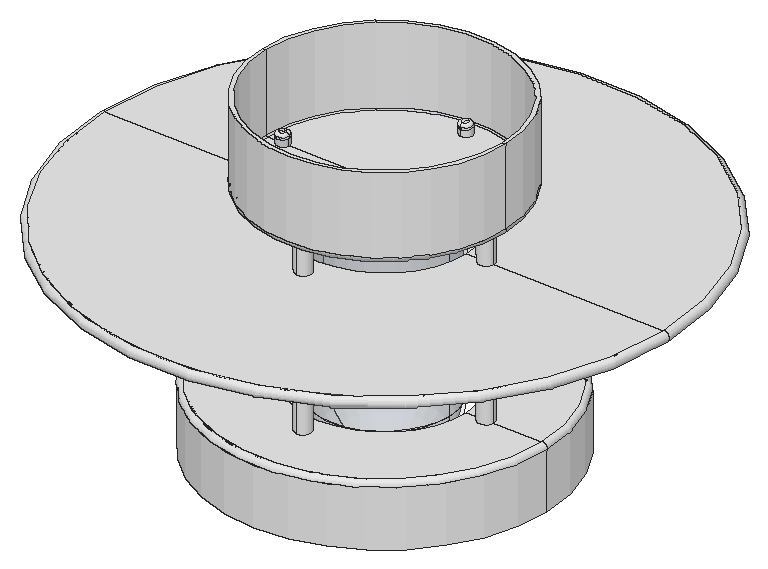
Revit family "ORF14 SHADE", category Lighting Fixtures, Revit 2024
Family settings
  Round Connector Dimension = Use Diameter
  Part Type = Normal
  OmniClass Number = 23.80.70.00
  OmniClass Title = Lighting
  Work Plane-Based = No
  Always vertical = Yes
  Cut with Voids When Loaded = No
  Light Source = No
  Maintain Annotation Orientation = No
  Shared = No
  Room Calculation Point = No
Parameters
  Default Elevation = 0' - 0"
Reference planes (in)
  plane 1 "Light Source Axis (F/B)": y = 0
  plane 2: z = 0
  plane 3 "Light Source Axis (L/R)": x = 0
  plane 4 "Light Source Elevation": z = 54
Forms (in)
  Revolve 1, solid
    sketch origin (0, 0, 0) x (1, 0, 0) y (0, 0, 1)
      loop
        line (-4, 54) -> (-3.90625, 54) -> (-3.90625, 55.375)
        arc (-3.90625, 55.375) -> (-3.8971, 55.3971) -> (-3.875, 55.40625) r 0.03125
        line (-3.875, 55.40625) -> (-2.03492, 55.40625) -> (-2.03492, 55.5) -> (-3.875, 55.5)
        arc (-3.875, 55.5) -> (-3.96339, 55.46339) -> (-4, 55.375) r 0.125
        line (-4, 55.375) -> (-4, 54)
      loop
        line (-3.06384, 57.25538) -> (-2.03492, 57.25538) -> (-2.03492, 57.50269) -> (-3.06384, 57.50269)
        arc (-3.06384, 57.50269) -> (-3.1875, 57.37903) -> (-3.06384, 57.25538) r 0.12366
      loop
        line (-6.87634, 58.75269) -> (-2.03492, 58.75269) -> (-2.03492, 59) -> (-6.87634, 59)
        arc (-6.87634, 59) -> (-7, 58.87634) -> (-6.87634, 58.75269) r 0.12366
      loop
        line (-1.6, 59.75) -> (-1.6, 55.25)
        arc (-1.6, 55.25) -> (-1.13137, 54.11863) -> (0, 53.65) r 1.6
        line (0, 53.65) -> (0, 53.74375)
        arc (0, 53.74375) -> (-1.06508, 54.18492) -> (-1.50625, 55.25) r 1.50625
        line (-1.50625, 55.25) -> (-1.50625, 59.75) -> (0, 59.75) -> (0, 59.84375) -> (-2.875, 59.84375)
        arc (-2.875, 59.84375) -> (-2.8971, 59.8529) -> (-2.90625, 59.875) r 0.03125
        line (-2.90625, 59.875) -> (-2.90625, 61.75) -> (-3, 61.75) -> (-3, 59.875)
        arc (-3, 59.875) -> (-2.96339, 59.78661) -> (-2.875, 59.75) r 0.125
        line (-2.875, 59.75) -> (-1.6, 59.75)
      axis (0, 61.75) -> (0, 53.65)
    angle from 0 to 360
  Revolve 2, solid
    sketch origin (0, 0, 0) x (1, 0, 0) y (0, 0, 1)
      loop
        line (-2.5, 55.5) -> (-2.5, 60.10218) -> (-2.59, 60.10218)
        arc (-2.59, 60.10218) -> (-2.63243, 60.08461) -> (-2.65, 60.04218) r 0.06
        line (-2.65, 60.04218) -> (-2.65, 60) -> (-2.65, 59.75) -> (-2.6875, 59.75) -> (-2.6875, 55.5) -> (-2.5, 55.5)
      axis (-2.5, 60.10218) -> (-2.5, 55.5)
    angle from 0 to 360
  Revolve 3, solid
    sketch origin (0, 0, 0) x (0, -1, 0) y (0, 0, 1)
      loop
        line (-2.5, 55.5) -> (-2.5, 60.10218) -> (-2.59, 60.10218)
        arc (-2.59, 60.10218) -> (-2.63243, 60.08461) -> (-2.65, 60.04218) r 0.06
        line (-2.65, 60.04218) -> (-2.65, 60) -> (-2.65, 59.75) -> (-2.6875, 59.75) -> (-2.6875, 55.5) -> (-2.5, 55.5)
      axis (-2.5, 60.10218) -> (-2.5, 55.5)
    angle from 0 to 360
  Revolve 4, solid
    sketch origin (0, 0, 0) x (0, 1, 0) y (0, 0, 1)
      loop
        line (-2.5, 55.5) -> (-2.5, 60.10218) -> (-2.59, 60.10218)
        arc (-2.59, 60.10218) -> (-2.63243, 60.08461) -> (-2.65, 60.04218) r 0.06
        line (-2.65, 60.04218) -> (-2.65, 60) -> (-2.65, 59.75) -> (-2.6875, 59.75) -> (-2.6875, 55.5) -> (-2.5, 55.5)
      axis (-2.5, 60.10218) -> (-2.5, 55.5)
    angle from 0 to 360
  Revolve 5, solid
    sketch origin (0, 0, 0) x (-1, 0, 0) y (0, 0, 1)
      loop
        line (-2.5, 55.5) -> (-2.5, 60.10218) -> (-2.59, 60.10218)
        arc (-2.59, 60.10218) -> (-2.63243, 60.08461) -> (-2.65, 60.04218) r 0.06
        line (-2.65, 60.04218) -> (-2.65, 60) -> (-2.65, 59.75) -> (-2.6875, 59.75) -> (-2.6875, 55.5) -> (-2.5, 55.5)
      axis (-2.5, 60.10218) -> (-2.5, 55.5)
    angle from 0 to 360
Dimensions and locks (in)
  aligned and locked: level to plane 2
